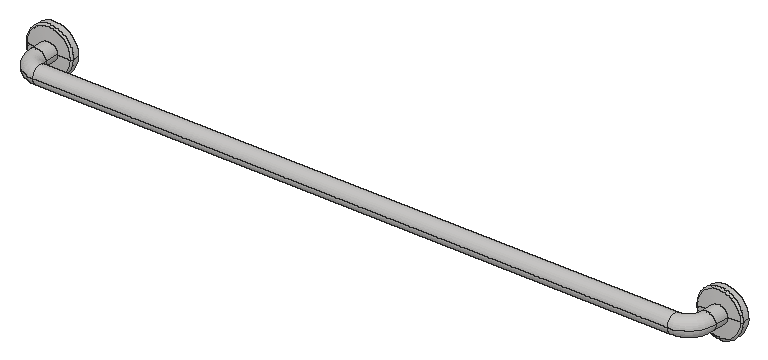
Revit family "rba-bim-rba4008 Series", category Plumbing Fixtures, Revit 2018
Family settings
  Round Connector Dimension = Use Diameter
  Part Type = Normal
  Work Plane-Based = No
  Always vertical = Yes
  Cut with Voids When Loaded = No
  Shared = No
  Room Calculation Point = No
Parameters (values of type "Straight Grab Rail 1200mm")
  Watermarked By = "www.rba.com.au"
  URL = "http://www.rba.com.au/accessible-disabled/grab-rails"
  Phone Number = "1300 788 778"
  OFFSET [instance] = 800 mm
  Modified Issue = "20200316.01"
  Model = "RBA4008-120"
  Materials and Finishes = Stainless Steel Bright Polished
  Manufacturer = "RBA Group"  # constant formula
  Lgth = 1200 mm
  Diameter = 32 mm
  Description = "Straight Grab Rail 1200mm"
  Copyright by = "RBA Group"  # constant formula
Types (8, lengths in mm): name | Model | Lgth | Description
  Straight Grab Rail 300mm | "RBA4008-030" | 300 | "Straight Grab Rail 300mm"
  Straight Grab Rail 450mm | "RBA4008-045" | 450 | "Straight Grab Rail 450mm"
  Straight Grab Rail 600mm | "RBA4008-060" | 600 | "Straight Grab Rail 600mm"
  Straight Grab Rail 750mm | "RBA4008-075" | 750 | "Straight Grab Rail 750mm"
  Straight Grab Rail 900mm | "RBA4008-090" | 900 | "Straight Grab Rail 900mm"
  Straight Grab Rail 800mm | "RBA4008-080" | 800 | "Straight Grab Rail 800mm"
  Straight Grab Rail 1000mm | "RBA4008-100" | 1000 | "Straight Grab Rail 1000mm"
  Straight Grab Rail 1200mm | "RBA4008-120" | 1200 | "Straight Grab Rail 1200mm"
Reference planes
  plane 1 "Center (Front/Back)": y = 0
  plane 2: z = 0
  plane 3 "Center (Left/Right)": x = 0
  plane 4: x = 0
  plane 5: x = 0
  plane 6: y = -57
  plane 7: y = -89
  plane 8: x = 1200
  plane 9: z = 16
  plane 10: z = -16
Forms (mm)
  Sweep 1, solid, material "Stainless Steel Bright Polished" <- "Materials and Finishes"
    path origin (-273.954, -750, 0) x (0, -1, 0) y (1, 0, 0)
      loop
        line (-740, 1473.954) -> (-709, 1473.954)
        arc (-709, 1473.954) -> (-686.373, 1464.582) -> (-677, 1441.954) r 32
        line (-677, 1441.954) -> (-677, 305.954)
        arc (-677, 305.954) -> (-686.373, 283.327) -> (-709, 273.954) r 32
        line (-709, 273.954) -> (-740, 273.954)
    profile origin (600, -73, 0) x (0, -1, 0) y (0, 0, 1)
      loop
        circle (0, 0) r 16
  Extrusion 2, solid, material "Stainless Steel Bright Polished" <- "Materials and Finishes"
    sketch origin (62.5, -2.628, -315.907) x (0, 0, 1) y (1, 0, 0)
      loop
        circle (315.907, -62.5) r 40
    from -0.206 to 2.628
  Revolve 3, solid, material "Stainless Steel Bright Polished" <- "Materials and Finishes"
    sketch origin (62.5, 18.663, 0) x (-1, 0, 0) y (0, -1, 0)
      loop
        line (62.5, 18.663) -> (104, 18.663) -> (104, 28.968)
        arc (104, 28.968) -> (103.207, 31.014) -> (101.243, 31.992) r 3.037
        arc (101.243, 31.992) -> (81.892, 33.334) -> (62.5, 33.781) r 420.249
        line (62.5, 33.781) -> (62.5, 18.663)
      axis (62.5, 18.663) -> (62.5, 33.781)
    angle from 0 to 360
  Extrusion 4, void
    sketch origin (62.704, 34.941, -270.785) x (-0.515038, 0, 0.857167) y (0.857167, 0, 0.515038)
      loop
        circle (290.148, 101.118) r 4.73
      loop
        circle (263.938, 115.713) r 4.73
      loop
        circle (238.193, 100.312) r 4.73
      loop
        circle (290.67, 71.223) r 4.73
      loop
        circle (264.985, 55.722) r 4.73
    from -37.775 to -34.941
  Extrusion 5, solid, material "Stainless Steel Bright Polished" <- "Materials and Finishes"
    sketch origin (237.5, -2.628, -315.907) x (0, 0, 1) y (1, 0, 0)
      loop
        circle (315.907, 962.5) r 40
    from -0.206 to 2.628
  Revolve 6, solid, material "Stainless Steel Bright Polished" <- "Materials and Finishes"
    sketch origin (237.5, 18.663, 0) x (-1, 0, 0) y (0, -1, 0)
      loop
        line (-962.5, 18.663) -> (-962.5, 33.781)
        arc (-962.5, 33.781) -> (-981.892, 33.334) -> (-1001.243, 31.992) r 420.249
        arc (-1001.243, 31.992) -> (-1003.207, 31.014) -> (-1004, 28.968) r 3.037
        line (-1004, 28.968) -> (-1004, 18.663) -> (-962.5, 18.663)
      axis (-962.5, 18.663) -> (-962.5, 33.781)
    angle from 0 to 360
  Extrusion 7, void
    sketch origin (362.704, 34.941, -270.785) x (-0.515038, 0, 0.857167) y (0.857167, 0, 0.515038)
      loop
        circle (-173.386, 872.569) r 4.73
      loop
        circle (-199.597, 887.164) r 4.73
      loop
        circle (-225.341, 871.762) r 4.73
      loop
        circle (-172.864, 842.674) r 4.73
      loop
        circle (-198.55, 827.173) r 4.73
    from -37.775 to -34.941
Cuts and joins
  Extrusion 7 cuts Sweep 1
  Extrusion 4, Extrusion 7 cuts Extrusion 2
  Extrusion 4, Extrusion 7 cuts Revolve 3
  Extrusion 7 cuts Extrusion 5
  Extrusion 7 cuts Revolve 6
  joined: Sweep 1, Extrusion 2, Revolve 3, Extrusion 5, Revolve 6
Dimensions and locks
  "Lgth": plane 3 "Center (Left/Right)" to plane 8
  radius of Sweep 1 sketch curve = 16 mm
  aligned and locked: level to plane 2
  aligned and locked: Revolve 3 to Extrusion 2
  aligned and locked: Extrusion 2 to Extrusion 4
  aligned and locked: Revolve 6 to Extrusion 5
Automatic sketch dimensions
  Sweep 1 sketch curve to plane 8 = 0 mm
  Sweep 1 sketch curve to plane 3 "Center (Left/Right)" = 0 mm
  plane 6 to Sweep 1 sketch curve = 16 mm  (x2)
  Sweep 1 sketch curve to plane 6 = 16 mm
  plane 1 "Center (Front/Back)" to Sweep 1 sketch curve = 10 mm  (x2)
  Sweep 1 sketch curve to profile plane = 0 mm  (x2)
  Extrusion 2 sketch curve to level = 0 mm
  Extrusion 2 sketch curve to plane 3 "Center (Left/Right)" = 0 mm
  plane 1 "Center (Front/Back)" to Revolve 3 sketch curve = 0 mm
  Revolve 3 sketch curve to plane 3 "Center (Left/Right)" = 0 mm  (x2)
  plane 1 "Center (Front/Back)" to Revolve 3 sketch curve = 10.305 mm
  Revolve 3 sketch curve to plane 3 "Center (Left/Right)" = 38.463 mm
  Revolve 3 sketch curve to Revolve 3 sketch curve = 3.037 mm
  Revolve 3 sketch curve to plane 1 "Center (Front/Back)" = 405.131 mm
  Revolve 3 sketch curve to Revolve 3 sketch curve = 15.118 mm
  Revolve 3 sketch curve to plane 1 "Center (Front/Back)" = 21.537 mm
  Revolve 3 sketch curve to Revolve 3 sketch curve = 0 mm
  plane 6 to Revolve 3 sketch curve = 13.537 mm
  plane 10 to Extrusion 4 sketch curve = 1.05 mm
  plane 3 "Center (Left/Right)" to Extrusion 4 sketch curve = 26.01 mm
  Extrusion 4 sketch curve to Extrusion 4 sketch curve = 25.745 mm
  Extrusion 4 sketch curve to Extrusion 4 sketch curve = 26.792 mm
  Extrusion 4 sketch curve to Extrusion 4 sketch curve = 26.211 mm
  Extrusion 4 sketch curve to Extrusion 4 sketch curve = 0.522 mm
  Extrusion 4 sketch curve to Extrusion 4 sketch curve = 29.089 mm
  Extrusion 4 sketch curve to Extrusion 4 sketch curve = 15.501 mm
  Extrusion 4 sketch curve to Extrusion 4 sketch curve = 29.895 mm
  Extrusion 4 sketch curve to Extrusion 4 sketch curve = 15.402 mm
  Extrusion 5 sketch curve to level = 0 mm
  plane 8 to Extrusion 5 sketch curve = 0 mm
  plane 1 "Center (Front/Back)" to Revolve 6 sketch curve = 0 mm
  Revolve 6 sketch curve to plane 8 = 0 mm  (x2)
  plane 1 "Center (Front/Back)" to Revolve 6 sketch curve = 10.305 mm
  Revolve 6 sketch curve to plane 8 = 38.463 mm
  Revolve 6 sketch curve to Revolve 6 sketch curve = 3.037 mm
  Revolve 6 sketch curve to plane 1 "Center (Front/Back)" = 405.131 mm
  Revolve 6 sketch curve to Revolve 6 sketch curve = 15.118 mm
  Revolve 6 sketch curve to plane 1 "Center (Front/Back)" = 21.537 mm
  Revolve 6 sketch curve to Revolve 6 sketch curve = 0 mm
  plane 6 to Revolve 6 sketch curve = 13.537 mm
  plane 10 to Extrusion 7 sketch curve = 1.05 mm
  Extrusion 7 sketch curve to plane 8 = 26.01 mm
  Extrusion 7 sketch curve to Extrusion 7 sketch curve = 25.745 mm
  Extrusion 7 sketch curve to Extrusion 7 sketch curve = 26.792 mm
  Extrusion 7 sketch curve to Extrusion 7 sketch curve = 26.211 mm
  Extrusion 7 sketch curve to Extrusion 7 sketch curve = 0.522 mm
  Extrusion 7 sketch curve to Extrusion 7 sketch curve = 29.089 mm
  Extrusion 7 sketch curve to Extrusion 7 sketch curve = 15.501 mm
  Extrusion 7 sketch curve to Extrusion 7 sketch curve = 29.895 mm
  Extrusion 7 sketch curve to Extrusion 7 sketch curve = 15.402 mm
  radius of Extrusion 2 sketch curve = 40 mm
  radius of Extrusion 4 sketch curve = 4.73 mm  (x5)
  radius of Extrusion 5 sketch curve = 40 mm
  radius of Extrusion 7 sketch curve = 4.73 mm  (x5)
